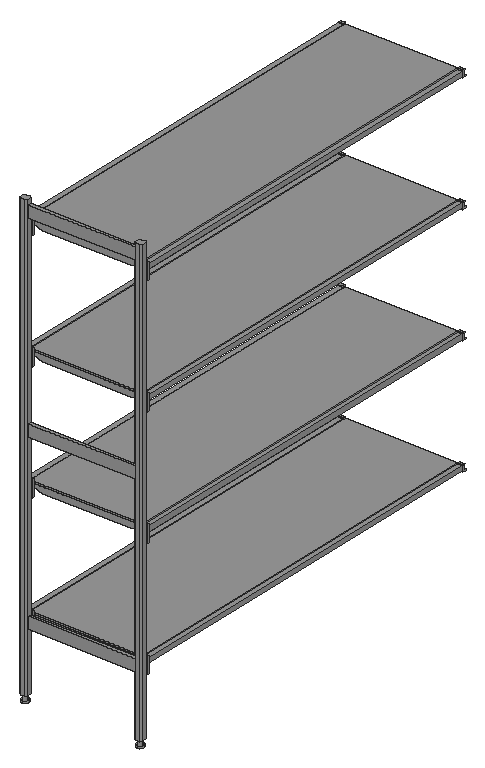
Revit family "QF_ELECTROLUXPROFESSIONAL_137078_CLS1537", category Attrezzature speciali, Revit 2020
Family settings
  Quota connettore circolare = Usa diametro
  Tipo di parte = Normale
  Basato su piano di lavoro = No
  Sempre verticale = Sì
  Taglio con vuoti quando caricato = No
  Condiviso = No
  Punto di calcolo locali = No
Parameters (values of type "Standard")
  Weight = 26.00 kg
  Watts = 0 W
  Volts = 0 V
  URL Manufacturer = "https://www.electroluxprofessional.com/"
  URL = "https://www.electroluxprofessional.com/"
  Steam Supply Size = 0 mm
  Steam Supply Minimum Pressure = 0.0 Pa
  Steam Supply Maximum Pressure = 0.0 Pa
  Steam Consumption per Hour = 0
  Refrigeration Suction Line Size = 0.0 mm
  Refrigeration Liquid Line Size = 0.0 mm
  Refrigerant Compressor Remote = yes
  Prospetto di default = 0.0 mm
  Phase = 0
  Modello = "CLS1537"
  Produttore = "Electrolux Professional"
  Length Actual = 1541.0 mm  # constant formula
  Item Number = "137078"
  Hot Water Size = 0 mm
  Height Actual = 1700.0 mm  # constant formula
  HP = "0 HP"
  Gas Size = 0 mm
  Gas KW = 0
  Gas Input Pressure = 0 W
  Direct Waste Size = 0 mm
  Descrizione = "ALUM.CORNER SHELV.-POLY.TIERS-475X1541MM"
  Depth Actual = 475.0 mm  # constant formula
  Cycle = 0 Hz
  Condensate Return Size = 0 mm
  Compressed Air Volume = 0.0 L/s
  Compressed Air Size = 0 mm
  Compressed Air Pressure = 0.0 Pa
  Cold Water Size = 0 mm
  Accessory = yes
Reference planes
  plane 1: z = 0
  plane 2 "Center (F/B)": y = -163.5
  plane 3 "Front": y = -549.5
  plane 4 "Left": x = -217.5
  plane 5 "Right": x = 257.5
  plane 6 "TOP": z = 1700
  plane 7: y = -517.5
  plane 8: y = 987.5
  plane 9 "Center (Left/Right)": x = 20
  plane 10: y = 982.5
  plane 11: x = -186
  plane 12: x = 226
  plane 13 "FEET": z = 25
  plane 14: z = 275
  plane 15: z = 725
  plane 16: z = 1175
  plane 17: z = 1625
  plane 18 "CXLeft": y = -535.5
  plane 19: x = -200
  plane 20 "CYBack": x = -200
  plane 21 "CYFront": x = 138
  plane 22 "Back": y = 991.5
  plane 23 "LEFT_ORIGIN": x = -251.5
  plane 24 "BACK_Origin": y = 1466.5
Forms (mm)
  Extrusion 1, solid, material "QF_Aluminum"
    sketch origin (0, -549.5, 0) x (-1, 0, 0) y (0, 0, 1)
      loop
        line (198.5, 1650.994) -> (198.5, 1632.998) -> (217.5, 1632.998) -> (217.5, 1650.994) -> (198.5, 1650.994)
      loop
        line (-238.5, 1650.994) -> (-257.5, 1650.994) -> (-257.5, 1632.998) -> (-238.5, 1632.998) -> (-238.5, 1650.994)
      loop
        line (198.5, 1200.994) -> (198.5, 1182.998) -> (217.5, 1182.998) -> (217.5, 1200.994) -> (198.5, 1200.994)
      loop
        line (-238.522, 1200.994) -> (-257.5, 1200.994) -> (-257.5, 1182.998) -> (-238.522, 1182.998) -> (-238.522, 1200.994)
      loop
        line (198.5, 750.994) -> (198.5, 732.998) -> (217.5, 732.998) -> (217.5, 750.994) -> (198.5, 750.994)
      loop
        line (-238.522, 750.994) -> (-257.5, 750.994) -> (-257.5, 732.998) -> (-238.522, 732.998) -> (-238.522, 750.994)
      loop
        line (198.5, 300.994) -> (198.5, 282.998) -> (217.5, 282.998) -> (217.5, 300.994) -> (198.5, 300.994)
      loop
        line (-238.522, 300.994) -> (-257.5, 300.994) -> (-257.5, 282.998) -> (-238.522, 282.998) -> (-238.522, 300.994)
    from 32 to 1537
  Extrusion 2, solid, material "QF_Polyethylene"
    sketch origin (0, -549.5, 0) x (-1, 0, 0) y (0, 0, 1)
      loop
        line (196.507, 1650.994) -> (-236.522, 1650.994) -> (-236.522, 1644.496) -> (196.507, 1644.496) -> (196.507, 1650.994)
      loop
        line (196.507, 1200.994) -> (-236.522, 1200.994) -> (-236.522, 1194.496) -> (196.507, 1194.496) -> (196.507, 1200.994)
      loop
        line (196.507, 750.994) -> (-236.522, 750.994) -> (-236.522, 744.496) -> (196.507, 744.496) -> (196.507, 750.994)
      loop
        line (196.507, 300.994) -> (-236.522, 300.994) -> (-236.522, 294.496) -> (196.507, 294.496) -> (196.507, 300.994)
    from 32 to 1537
Lines and regions (mm)
  symbolic lines
    curve 1: line (-198.5, 987.5, 1700) -> (-198.5, -517.5, 1700)
    curve 2: line (-217.5, -521.5, 1700) -> (-217.5, 987.5, 1700)
    curve 3: line (257.5, -521.5, 1700) -> (257.5, 987.5, 1700)
    curve 4: line (-181.507, -517.5, 1700) -> (221.507, -517.5, 1700)
    curve 5: line (238.522, -517.5, 1700) -> (238.522, 987.5, 1700)
    curve 6: line (-198.5, 987.5, 1700) -> (238.522, 987.5, 1700)
Dimensions and locks
  plane 3 "Front" to plane 2 "Center (F/B)" = 386.0 mm
  locked: plane 6 "TOP" to level at 1700
  locked: plane 4 "Left" to plane 5 "Right" at 475
  locked: plane 7 to plane 8 at 1505
  locked: plane 3 "Front" to plane 7 at 32
  plane 10 to plane 8 = 5.0 mm
  locked: plane 11 to plane 12 at 412
  equal spacing: plane 11, plane 9 "Center (Left/Right)", plane 12
  equal spacing: plane 4 "Left", plane 9 "Center (Left/Right)", plane 5 "Right"
  plane 13 "FEET" to level = 25.0 mm
  plane 6 "TOP" to plane 13 "FEET" = 1675.0 mm
  plane 14 to plane 13 "FEET" = 250.0 mm
  plane 15 to plane 14 = 450.0 mm
  plane 16 to plane 15 = 450.0 mm
  plane 17 to plane 16 = 450.0 mm
  locked: plane 3 "Front" to plane 18 "CXLeft" at 14
  locked: plane 3 "Front" to plane 22 "Back" at 1541
  plane 23 "LEFT_ORIGIN" to plane 5 "Right" = 509.0 mm
  locked: plane 22 "Back" to plane 24 "BACK_Origin" at 475
  aligned and locked: level to plane 1
  aligned and locked: Extrusion 2 to plane 7
  aligned and locked: plane 8 to Extrusion 2
  aligned and locked: Extrusion 1 to plane 7
  aligned and locked: plane 8 to Extrusion 1
  aligned and locked: Extrusion 1 sketch curve to Extrusion 1 sketch curve  (x2)
  aligned and locked: plane 18 "CXLeft" to nested 1
  aligned and locked: nested 2 to plane 10
Automatic sketch dimensions
  curve 2 to plane 4 "Left" = 0.0 mm
  curve 3 to plane 5 "Right" = 0.0 mm
  plane 7 to curve 1 = 0.0 mm
  plane 7 to curve 4 = 0.0 mm
  plane 7 to curve 5 = 0.0 mm
  plane 8 to curve 2 = 0.0 mm
  plane 8 to curve 1 = 0.0 mm
  plane 8 to curve 3 = 0.0 mm
  curve 5 to plane 21 "CYFront" = 100.522 mm
  plane 19 to curve 6 = 1.5 mm
  plane 7 to curve 3 = 4.0 mm
  plane 7 to curve 2 = 4.0 mm
  plane 12 to curve 4 = 4.493 mm
  curve 4 to plane 11 = 4.493 mm
  plane 5 "Right" to Extrusion 1 sketch curve = 0.0 mm  (x4)
  plane 4 "Left" to Extrusion 1 sketch curve = 0.0 mm  (x4)
  Extrusion 1 sketch curve to plane 21 "CYFront" = 100.522 mm
  Extrusion 1 sketch curve to plane 21 "CYFront" = 100.5 mm
  plane 19 to Extrusion 1 sketch curve = 1.5 mm  (x4)
  plane 14 to Extrusion 1 sketch curve = 7.998 mm  (x2)
  Extrusion 1 sketch curve to Extrusion 1 sketch curve = 17.997 mm  (x8)
  plane 15 to Extrusion 1 sketch curve = 7.998 mm  (x2)
  plane 16 to Extrusion 1 sketch curve = 7.998 mm  (x2)
  plane 17 to Extrusion 1 sketch curve = 7.998 mm  (x2)
  Extrusion 2 sketch curve to plane 21 "CYFront" = 98.522 mm  (x4)
  plane 19 to Extrusion 2 sketch curve = 3.493 mm  (x4)
  plane 14 to Extrusion 2 sketch curve = 19.496 mm
  Extrusion 2 sketch curve to Extrusion 2 sketch curve = 6.499 mm  (x4)
  plane 15 to Extrusion 2 sketch curve = 19.496 mm
  plane 16 to Extrusion 2 sketch curve = 19.496 mm
  plane 17 to Extrusion 2 sketch curve = 19.496 mm
Nested families
  nested 1: "WT_Anta475" at (-194.5, -132.5, 0) x (0, 1, 0) z (0, 0, 1), type "WT_Anta475"
  nested 2: "WT_Aggancio475" at (-194.5, 1399.5, 0) x (0, 1, 0) z (0, 0, 1), type "WT_Aggancio475"
Definition of nested family "WT_Anta475"
  Parameters
    WidthLeft = A + 64.0 mm  # 772.0 mm
    Width = 1606.0 mm
    Right = WidthLeft / 2  # 386.0 mm
    Default Elevation = 0.0 mm
    Left = -WidthLeft / 2  # -386.0 mm
    Height = 1725.0 mm
    FEET = 25.0 mm
    E = 0.0 mm
    Dint = Depth - 63.0 mm  # 412.0 mm
    Dext = Depth - 8.0 mm  # 467.0 mm
    Depth = 475.0 mm
    DX = (WidthLeft - A) / 2  # 32.0 mm
    B = 798.0 mm
    A = 708.0 mm
  Reference planes
    plane 1: z = 0
    plane 2 "LEFT": x = -417
    plane 3 "BACK": y = 23
    plane 4 "FRONT": y = -452
    plane 5 "TOP": z = 1725
    plane 6 "Center (Front/Back)": y = -214.5
    plane 7: y = -8.5
    plane 8: y = -420.5
    plane 9 "FEET": z = 25
    plane 10: z = 275
    plane 11: z = 725
    plane 12: z = 1175
    plane 13: z = 1625
    plane 14 "CXLeft": x = -403
    plane 15: y = 5.5
    plane 16 "CYBack": y = 5.5
    plane 17 "CYFront": y = -434.5
    plane 18: x = -385.031
    plane 19: x = -380.031
  Forms (mm)
    Extrusion 1, solid
      sketch origin (0, 0, 0) x (1, 0, 0) y (0, 1, 0)
        loop
          line (-417, 13.246) -> (-417, -2.246) -> (-410.746, -8.5) -> (-395.254, -8.5) -> (-389, -2.246) -> (-389, 13.246) -> (-395.254, 19.5) -> (-410.746, 19.5) -> (-417, 13.246)
      from 1725 to 25
    Extrusion 2, solid
      sketch origin (-417, 0, 0) x (0, 1, 0) y (0, 0, 1)
        loop
          line (23, 246.005) -> (23, 307.993) -> (-12.993, 307.993) -> (-12.993, 246.005) -> (23, 246.005)
        loop
          line (-452, 246.005) -> (-416.007, 246.005) -> (-416.007, 307.993) -> (-452, 307.993) -> (-452, 246.005)
        loop
          line (23, 696.005) -> (23, 757.993) -> (-12.993, 757.993) -> (-12.993, 696.005) -> (23, 696.005)
        loop
          line (-452, 696.005) -> (-416.007, 696.005) -> (-416.007, 757.993) -> (-452, 757.993) -> (-452, 696.005)
        loop
          line (23, 1146.005) -> (23, 1207.993) -> (-12.993, 1207.993) -> (-12.993, 1146.005) -> (23, 1146.005)
        loop
          line (-452, 1146.005) -> (-416.007, 1146.005) -> (-416.007, 1207.993) -> (-452, 1207.993) -> (-452, 1146.005)
        loop
          line (23, 1596.005) -> (23, 1657.993) -> (-12.993, 1657.993) -> (-12.993, 1596.005) -> (23, 1596.005)
        loop
          line (-452, 1596.005) -> (-416.007, 1596.005) -> (-416.007, 1657.993) -> (-452, 1657.993) -> (-452, 1596.005)
      from 28 to 32
    Revolve 3, solid
      sketch origin (-403, 0, 0) x (0, 1, 0) y (0, 0, 1)
        loop
          line (5.5, 25) -> (5.5, 0) -> (19, 0) -> (19, 5) -> (14, 5) -> (14, 25) -> (5.5, 25)
        axis (5.5, 25) -> (5.5, 0)
      angle from 0 to 360
    Extrusion 4, solid
      sketch origin (-403, 0, 0) x (0, 1, 0) y (0, 0, 1)
        loop
          line (-8.5, 912.382) -> (-8.5, 957.374) -> (-420.5, 957.374) -> (-420.5, 912.382) -> (-8.5, 912.382)
        loop
          line (-8.5, 1662.244) -> (-8.5, 1707.236) -> (-420.5, 1707.236) -> (-420.5, 1662.244) -> (-8.5, 1662.244)
      from -5 to 5
    Revolve 5, solid
      sketch origin (-403, -627, 0) x (0, -1, 0) y (0, 0, 1)
        loop
          line (-192.5, 25) -> (-192.5, 0) -> (-179, 0) -> (-179, 5) -> (-184, 5) -> (-184, 25) -> (-192.5, 25)
        axis (-192.5, 25) -> (-192.5, 0)
      angle from 0 to 360
    Extrusion 6, solid
      sketch origin (0, -627, 0) x (1, 0, 0) y (0, 1, 0)
        loop
          line (-417, 184.754) -> (-410.746, 178.5) -> (-395.254, 178.5) -> (-389, 184.754) -> (-389, 200.246) -> (-395.254, 206.5) -> (-410.746, 206.5) -> (-417, 200.246) -> (-417, 184.754)
      from 1725 to 25
    Extrusion 7, solid
      sketch origin (-417.031, -0.022, 0) x (0, 1, 0) y (0, 0, -1)
        loop
          line (-12, -1632.998) -> (-46, -1620.994) -> (-383, -1620.994) -> (-417, -1632.998) -> (-433, -1632.998) -> (-433, -1650.994) -> (-431, -1650.994) -> (-431, -1644.496) -> (2.007, -1644.496) -> (2.007, -1650.994) -> (4, -1650.994) -> (4, -1632.998) -> (-12, -1632.998)
        loop
          line (-12, -1182.998) -> (-46, -1170.994) -> (-383, -1170.994) -> (-417, -1182.998) -> (-433, -1182.998) -> (-433, -1200.994) -> (-431, -1200.994) -> (-431, -1194.496) -> (2.007, -1194.496) -> (2.007, -1200.994) -> (4, -1200.994) -> (4, -1182.998) -> (-12, -1182.998)
        loop
          line (-12, -732.998) -> (-46, -720.994) -> (-383, -720.994) -> (-417, -732.998) -> (-433, -732.998) -> (-433, -750.994) -> (-431, -750.994) -> (-431, -744.496) -> (2.007, -744.496) -> (2.007, -750.994) -> (4, -750.994) -> (4, -732.998) -> (-12, -732.998)
        loop
          line (-12, -282.998) -> (-46, -270.994) -> (-383, -270.994) -> (-417, -282.998) -> (-433, -282.998) -> (-433, -300.994) -> (-431, -300.994) -> (-431, -294.496) -> (2.007, -294.496) -> (2.007, -300.994) -> (4, -300.994) -> (4, -282.998) -> (-12, -282.998)
      from -32 to -37
    Extrusion 8, solid
      sketch origin (-403, 0, -659.878) x (0, 1, 0) y (0, 0, 1)
        loop
          line (-8.5, 912.382) -> (-8.5, 957.374) -> (-420.5, 957.374) -> (-420.5, 912.382) -> (-8.5, 912.382)
        loop
          line (-8.5, 1572.382) -> (-8.5, 1617.374) -> (-420.5, 1617.374) -> (-420.5, 1572.382) -> (-8.5, 1572.382)
        loop
          line (-8.5, 2322.382) -> (-8.5, 2367.374) -> (-420.5, 2367.374) -> (-420.5, 2322.382) -> (-8.5, 2322.382)
      from -5 to 5
  Lines and regions (mm)
    symbolic lines
      curve 1: line (-408, -8.5, 1725) -> (-408, -420.5, 1725)
      curve 2: line (-398, -420.5, 1725) -> (-398, -8.5, 1725)
      curve 3: line (-395.254, -8.5, 1725) -> (-410.746, -8.5, 1725)
      curve 4: line (-417, -2.246, 1725) -> (-410.746, -8.5, 1725)
      curve 5: line (-417, 13.246, 1725) -> (-417, -2.246, 1725)
      curve 6: line (-410.746, 19.5, 1725) -> (-417, 13.246, 1725)
      curve 7: line (-395.254, 19.5, 1725) -> (-410.746, 19.5, 1725)
      curve 8: line (-389, 13.246, 1725) -> (-395.254, 19.5, 1725)
      curve 9: line (-395.254, -8.5, 1725) -> (-389, -2.246, 1725)
      curve 10: line (-395.254, -420.5, 1725) -> (-410.746, -420.5, 1725)
      curve 11: line (-417, -426.754, 1725) -> (-410.746, -420.5, 1725)
      curve 12: line (-410.746, -448.5, 1725) -> (-417, -442.246, 1725)
      curve 13: line (-395.254, -448.5, 1725) -> (-410.746, -448.5, 1725)
      curve 14: line (-389, -442.246, 1725) -> (-395.254, -448.5, 1725)
      curve 15: line (-395.254, -420.5, 1725) -> (-389, -426.754, 1725)
      curve 16: line (-389, -452, 1725) -> (-389, -416.007, 1725)
      curve 17: line (-389, -416.007, 1725) -> (-385, -416.007, 1725)
      curve 18: line (-389, 23, 1725) -> (-389, -12.993, 1725)
      curve 19: line (-389, -12.993, 1725) -> (-385, -12.993, 1725)
      curve 20: line (-417, -426.754, 1725) -> (-417, -442.246, 1725)
      curve 21: line (-385, -452, 1725) -> (-385, -416.007, 1725)
      curve 22: line (-385, -452, 1725) -> (-389, -452, 1725)
      curve 23: line (-385, 23, 1725) -> (-389, 23, 1725)
      curve 24: line (-385, -12.993, 1725) -> (-385, 23, 1725)
      curve 25: line (-385.031, -13.016, 1725) -> (-385.031, -416.029, 1725)
  Dimensions and locks
    "Height": plane 5 "TOP" to level
    "Depth": plane 3 "BACK" to plane 4 "FRONT"
    "Dint": plane 7 to plane 8
    equal spacing: plane 7, plane 6 "Center (Front/Back)", plane 8
    equal spacing: plane 3 "BACK", plane 6 "Center (Front/Back)", plane 4 "FRONT"
    plane 9 "FEET" to level = 25.0 mm
    plane 5 "TOP" to plane 9 "FEET" = 1700.0 mm
    plane 10 to plane 9 "FEET" = 250.0 mm
    plane 11 to plane 10 = 450.0 mm
    plane 12 to plane 11 = 450.0 mm
    plane 13 to plane 12 = 450.0 mm
    locked: plane 2 "LEFT" to plane 14 "CXLeft" at 14
    locked: plane 3 "BACK" to plane 16 "CYBack" at 17.5
    locked: plane 17 "CYFront" to plane 4 "FRONT" at 17.5
    locked: Revolve 3 sketch curve to Revolve 3 sketch curve at 8.5
    locked: Revolve 3 sketch curve to plane 16 "CYBack" at 13.5
    locked: Revolve 5 sketch curve to Revolve 5 sketch curve at 8.5
    aligned and locked: level to plane 1
    aligned and locked: curve 20 to Extrusion 6
    aligned and locked: plane 5 "TOP" to Extrusion 1
    aligned and locked: plane 5 "TOP" to Extrusion 6
    aligned and locked: Extrusion 7 sketch curve to Extrusion 7 sketch curve  (x3)
  Automatic sketch dimensions
    curve 16 to plane 4 "FRONT" = 0.0 mm
    curve 11 to plane 8 = 0.0 mm
    curve 9 to plane 7 = 0.0 mm
    curve 5 to plane 2 "LEFT" = 0.0 mm
    curve 23 to plane 3 "BACK" = 0.0 mm
    plane 4 "FRONT" to curve 13 = 3.5 mm
    curve 20 to plane 17 "CYFront" = 7.746 mm
    curve 20 to plane 8 = 6.254 mm
    plane 8 to curve 16 = 4.493 mm
    curve 24 to plane 18 = 0.031 mm
    curve 24 to plane 7 = 4.493 mm
    plane 7 to curve 5 = 6.254 mm
    curve 5 to plane 15 = 7.746 mm
    curve 6 to plane 3 "BACK" = 3.5 mm
    curve 21 to plane 18 = 0.031 mm
    plane 18 to curve 23 = 3.969 mm
    plane 18 to curve 16 = 3.969 mm
    curve 18 to curve 8 = 6.254 mm
    curve 18 to curve 3 = 6.254 mm
    curve 16 to curve 13 = 6.254 mm
    curve 16 to curve 15 = 6.254 mm
    plane 2 "LEFT" to curve 10 = 6.254 mm
    plane 2 "LEFT" to curve 7 = 6.254 mm
    plane 2 "LEFT" to curve 12 = 6.254 mm
    plane 2 "LEFT" to curve 3 = 6.254 mm
    curve 14 to plane 17 "CYFront" = 7.746 mm
    curve 15 to plane 8 = 6.254 mm
    plane 7 to curve 9 = 6.254 mm
    curve 8 to plane 15 = 7.746 mm
    curve 3 to curve 2 = 2.746 mm
    curve 1 to curve 10 = 2.746 mm
    Extrusion 1 sketch curve to plane 2 "LEFT" = 0.0 mm
    Extrusion 1 sketch curve to plane 7 = 0.0 mm
    plane 2 "LEFT" to Extrusion 1 sketch curve = 6.254 mm  (x2)
    plane 14 "CXLeft" to Extrusion 1 sketch curve = 7.746 mm  (x2)
    Extrusion 1 sketch curve to plane 3 "BACK" = 3.5 mm
    plane 18 to Extrusion 1 sketch curve = 3.969 mm
    plane 7 to Extrusion 1 sketch curve = 6.254 mm  (x2)
    Extrusion 1 sketch curve to plane 15 = 7.746 mm  (x2)
    Extrusion 2 sketch curve to plane 4 "FRONT" = 0.0 mm  (x4)
    Extrusion 2 sketch curve to plane 3 "BACK" = 0.0 mm  (x4)
    plane 8 to Extrusion 2 sketch curve = 4.493 mm  (x4)
    Extrusion 2 sketch curve to plane 7 = 4.493 mm  (x4)
    Extrusion 2 sketch curve to plane 10 = 28.995 mm  (x2)
    plane 10 to Extrusion 2 sketch curve = 32.993 mm  (x2)
    Extrusion 2 sketch curve to plane 11 = 28.995 mm  (x2)
    plane 11 to Extrusion 2 sketch curve = 32.993 mm  (x2)
    Extrusion 2 sketch curve to plane 12 = 28.995 mm  (x2)
    plane 12 to Extrusion 2 sketch curve = 32.993 mm  (x2)
    Extrusion 2 sketch curve to plane 13 = 28.995 mm  (x2)
    plane 13 to Extrusion 2 sketch curve = 32.993 mm  (x2)
    Revolve 3 sketch curve to plane 9 "FEET" = 0.0 mm  (x2)
    Revolve 3 sketch curve to plane 15 = 0.0 mm  (x2)
    Revolve 3 sketch curve to level = 0.0 mm
    level to Revolve 3 sketch curve = 5.0 mm
    Revolve 3 sketch curve to Revolve 3 sketch curve = 11.655 mm
    Extrusion 4 sketch curve to plane 8 = 0.0 mm  (x2)
    Extrusion 4 sketch curve to plane 7 = 0.0 mm  (x2)
    plane 11 to Extrusion 4 sketch curve = 187.382 mm
    Extrusion 4 sketch curve to Extrusion 4 sketch curve = 44.992 mm
    plane 13 to Extrusion 4 sketch curve = 37.244 mm
    Extrusion 4 sketch curve to plane 5 "TOP" = 17.764 mm
    Revolve 5 sketch curve to plane 9 "FEET" = 0.0 mm  (x2)
    Revolve 5 sketch curve to plane 17 "CYFront" = 0.0 mm  (x2)
    Revolve 5 sketch curve to level = 0.0 mm
    Revolve 5 sketch curve to plane 4 "FRONT" = 4.0 mm
    Revolve 5 sketch curve to Revolve 5 sketch curve = 5.0 mm
    level to Revolve 5 sketch curve = 11.655 mm
    Extrusion 6 sketch curve to plane 2 "LEFT" = 0.0 mm
    Extrusion 6 sketch curve to plane 8 = 0.0 mm
    Extrusion 6 sketch curve to plane 2 "LEFT" = 6.254 mm  (x2)
    Extrusion 6 sketch curve to plane 14 "CXLeft" = 7.746 mm  (x2)
    Extrusion 6 sketch curve to plane 4 "FRONT" = 3.5 mm
    Extrusion 6 sketch curve to plane 18 = 3.969 mm
    plane 8 to Extrusion 6 sketch curve = 6.254 mm  (x2)
    plane 17 "CYFront" to Extrusion 6 sketch curve = 7.746 mm  (x2)
    plane 17 "CYFront" to Extrusion 7 sketch curve = 1.478 mm  (x4)
    Extrusion 7 sketch curve to Extrusion 7 sketch curve = 2.0 mm
    plane 8 to Extrusion 7 sketch curve = 3.478 mm  (x4)
    Extrusion 7 sketch curve to plane 10 = 4.006 mm
    Extrusion 7 sketch curve to Extrusion 7 sketch curve = 34.0 mm  (x4)
    Extrusion 7 sketch curve to plane 11 = 4.006 mm
    Extrusion 7 sketch curve to plane 12 = 4.006 mm
    Extrusion 7 sketch curve to plane 13 = 4.006 mm
    Extrusion 7 sketch curve to plane 7 = 37.522 mm  (x4)
    Extrusion 7 sketch curve to plane 7 = 3.522 mm  (x4)
    plane 15 to Extrusion 7 sketch curve = 3.516 mm  (x4)
    plane 15 to Extrusion 7 sketch curve = 1.522 mm  (x4)
    plane 13 to Extrusion 7 sketch curve = 7.998 mm  (x2)
    Extrusion 7 sketch curve to Extrusion 7 sketch curve = 11.498 mm
    Extrusion 7 sketch curve to Extrusion 7 sketch curve = 6.499 mm  (x5)
    plane 12 to Extrusion 7 sketch curve = 25.994 mm  (x2)
    plane 12 to Extrusion 7 sketch curve = 7.998 mm  (x2)
    plane 11 to Extrusion 7 sketch curve = 25.994 mm  (x2)
    plane 11 to Extrusion 7 sketch curve = 7.998 mm  (x2)
    plane 10 to Extrusion 7 sketch curve = 25.994 mm  (x2)
    plane 10 to Extrusion 7 sketch curve = 7.998 mm  (x2)
    curve 25 to plane 18 = 0.0 mm
    plane 8 to curve 25 = 4.471 mm
    curve 25 to plane 7 = 4.516 mm
    Extrusion 8 sketch curve to plane 8 = 0.0 mm  (x3)
    Extrusion 8 sketch curve to plane 7 = 0.0 mm  (x3)
    Extrusion 8 sketch curve to plane 10 = 22.496 mm
    plane 10 to Extrusion 8 sketch curve = 22.496 mm
    plane 11 to Extrusion 8 sketch curve = 187.504 mm
    Extrusion 8 sketch curve to Extrusion 8 sketch curve = 44.992 mm
    plane 13 to Extrusion 8 sketch curve = 37.504 mm
    Extrusion 8 sketch curve to plane 5 "TOP" = 17.504 mm
Definition of nested family "WT_Aggancio475"
  Parameters
    WidthLeft = A + 64.0 mm  # 772.0 mm
    Width = 1606.0 mm
    Right = WidthLeft / 2  # 386.0 mm
    Default Elevation = 0.0 mm
    Left = -WidthLeft / 2  # -386.0 mm
    Height = 1725.0 mm
    FEET = 25.0 mm
    E = 0.0 mm
    Dint = Depth - 63.0 mm  # 412.0 mm
    Dext = Depth - 8.0 mm  # 467.0 mm
    Depth = 475.0 mm
    DX = (WidthLeft - A) / 2  # 32.0 mm
    B = 798.0 mm
    A = 708.0 mm
  Reference planes
    plane 1: z = 0
    plane 2 "LEFT": x = -417
    plane 3 "BACK": y = 23
    plane 4 "FRONT": y = -452
    plane 5 "TOP": z = 1725
    plane 6 "Center (Front/Back)": y = -214.5
    plane 7: y = -8.5
    plane 8: y = -420.5
    plane 9 "FEET": z = 25
    plane 10: z = 275
    plane 11: z = 725
    plane 12: z = 1175
    plane 13: z = 1625
    plane 14: y = 5.5
    plane 15 "CYBack": y = 5.5
    plane 16 "CYFront": y = -434.5
  Forms (mm)
    Extrusion 1, solid
      sketch origin (-380, -0.022, 0) x (0, 1, 0) y (0, 0, 1)
        loop
          line (-12, 1632.998) -> (4, 1632.998) -> (4, 1650.994) -> (2.007, 1650.994) -> (2.007, 1644.496) -> (-431, 1644.496) -> (-431, 1650.994) -> (-433, 1650.994) -> (-433, 1632.998) -> (-417, 1632.998) -> (-383, 1620.994) -> (-46, 1620.994) -> (-12, 1632.998)
        loop
          line (-12, 1182.998) -> (4, 1182.998) -> (4, 1200.994) -> (2.007, 1200.994) -> (2.007, 1194.496) -> (-431, 1194.496) -> (-431, 1200.994) -> (-433, 1200.994) -> (-433, 1182.998) -> (-417, 1182.998) -> (-383, 1170.994) -> (-46, 1170.994) -> (-12, 1182.998)
        loop
          line (-12, 732.998) -> (4, 732.998) -> (4, 750.994) -> (2.007, 750.994) -> (2.007, 744.496) -> (-431, 744.496) -> (-431, 750.994) -> (-433, 750.994) -> (-433, 732.998) -> (-417, 732.998) -> (-383, 720.994) -> (-46, 720.994) -> (-12, 732.998)
        loop
          line (-12, 282.998) -> (4, 282.998) -> (4, 300.994) -> (2.007, 300.994) -> (2.007, 294.496) -> (-431, 294.496) -> (-431, 300.994) -> (-433, 300.994) -> (-433, 282.998) -> (-417, 282.998) -> (-383, 270.994) -> (-46, 270.994) -> (-12, 282.998)
      from -32 to -37
    Extrusion 2, solid
      sketch origin (-793.062, -324.754, 6.5) x (1, 0, 0) y (0, 0, 1)
        loop
          line (385.062, 1644.496) -> (385.062, 1647.496) -> (376.062, 1647.496) -> (376.062, 1620.994) -> (390.031, 1620.994) -> (390.031, 1626.496) -> (381.062, 1626.496) -> (381.062, 1644.496) -> (385.062, 1644.496)
        loop
          line (385.062, 1194.496) -> (385.062, 1197.496) -> (376.062, 1197.496) -> (376.062, 1170.994) -> (390.031, 1170.994) -> (390.031, 1176.496) -> (381.062, 1176.496) -> (381.062, 1194.496) -> (385.062, 1194.496)
        loop
          line (385.062, 744.496) -> (385.062, 747.496) -> (376.062, 747.496) -> (376.062, 720.994) -> (390.031, 720.994) -> (390.031, 726.496) -> (381.062, 726.496) -> (381.062, 744.496) -> (385.062, 744.496)
        loop
          line (385.062, 294.496) -> (385.062, 297.496) -> (376.062, 297.496) -> (376.062, 270.994) -> (390.031, 270.994) -> (390.031, 276.496) -> (381.062, 276.496) -> (381.062, 294.496) -> (385.062, 294.496)
      from 108.268 to 127.246
    Extrusion 3, solid
      sketch origin (-793.062, 32.754, 6.5) x (1, 0, 0) y (0, 0, 1)
        loop
          line (385.062, 1644.496) -> (385.062, 1647.496) -> (376.062, 1647.496) -> (376.062, 1620.994) -> (390.031, 1620.994) -> (390.031, 1626.496) -> (381.062, 1626.496) -> (381.062, 1644.496) -> (385.062, 1644.496)
        loop
          line (385.062, 1194.496) -> (385.062, 1197.496) -> (376.062, 1197.496) -> (376.062, 1170.994) -> (390.031, 1170.994) -> (390.031, 1176.496) -> (381.062, 1176.496) -> (381.062, 1194.496) -> (385.062, 1194.496)
        loop
          line (385.062, 744.496) -> (385.062, 747.496) -> (376.062, 747.496) -> (376.062, 720.994) -> (390.031, 720.994) -> (390.031, 726.496) -> (381.062, 726.496) -> (381.062, 744.496) -> (385.062, 744.496)
        loop
          line (385.062, 294.496) -> (385.062, 297.496) -> (376.062, 297.496) -> (376.062, 270.994) -> (390.031, 270.994) -> (390.031, 276.496) -> (381.062, 276.496) -> (381.062, 294.496) -> (385.062, 294.496)
      from 9.754 to 28.776
  Lines and regions (mm)
    symbolic lines
      curve 1: line (-412, -452, 0) -> (-408, -452, 0)
      curve 2: line (-412, -433.022, 0) -> (-412, -452, 0)
      curve 3: line (-408, -433.022, 0) -> (-412, -433.022, 0)
      curve 4: line (-408, -452, 0) -> (-408, -433.022, 0)
      curve 5: line (-412, 3.978, 0) -> (-408, 3.978, 0)
      curve 6: line (-412, 23, 0) -> (-412, 3.978, 0)
      curve 7: line (-408, 23, 0) -> (-412, 23, 0)
      curve 8: line (-408, 3.978, 0) -> (-408, 23, 0)
  Dimensions and locks
    "Height": plane 5 "TOP" to level
    "Depth": plane 3 "BACK" to plane 4 "FRONT"
    "Dint": plane 7 to plane 8
    equal spacing: plane 7, plane 6 "Center (Front/Back)", plane 8
    equal spacing: plane 3 "BACK", plane 6 "Center (Front/Back)", plane 4 "FRONT"
    plane 9 "FEET" to level = 25.0 mm
    plane 5 "TOP" to plane 9 "FEET" = 1700.0 mm
    plane 10 to plane 9 "FEET" = 250.0 mm
    plane 11 to plane 10 = 450.0 mm
    plane 12 to plane 11 = 450.0 mm
    plane 13 to plane 12 = 450.0 mm
    locked: plane 3 "BACK" to plane 15 "CYBack" at 17.5
    locked: plane 16 "CYFront" to plane 4 "FRONT" at 17.5
    aligned and locked: level to plane 1
    aligned and locked: Extrusion 1 sketch curve to Extrusion 1 sketch curve  (x3)
  Automatic sketch dimensions
    plane 16 "CYFront" to Extrusion 1 sketch curve = 1.478 mm  (x4)
    Extrusion 1 sketch curve to Extrusion 1 sketch curve = 2.0 mm
    plane 8 to Extrusion 1 sketch curve = 3.478 mm  (x4)
    Extrusion 1 sketch curve to plane 10 = 4.006 mm
    Extrusion 1 sketch curve to Extrusion 1 sketch curve = 34.0 mm  (x4)
    Extrusion 1 sketch curve to plane 11 = 4.006 mm
    Extrusion 1 sketch curve to plane 12 = 4.006 mm
    Extrusion 1 sketch curve to plane 13 = 4.006 mm
    Extrusion 1 sketch curve to plane 7 = 37.522 mm  (x4)
    Extrusion 1 sketch curve to plane 7 = 3.522 mm  (x4)
    plane 14 to Extrusion 1 sketch curve = 3.516 mm  (x4)
    plane 14 to Extrusion 1 sketch curve = 1.522 mm  (x4)
    plane 10 to Extrusion 1 sketch curve = 7.998 mm  (x2)
    Extrusion 1 sketch curve to Extrusion 1 sketch curve = 11.498 mm  (x4)
    Extrusion 1 sketch curve to Extrusion 1 sketch curve = 6.499 mm  (x8)
    plane 11 to Extrusion 1 sketch curve = 7.998 mm  (x2)
    plane 12 to Extrusion 1 sketch curve = 7.998 mm  (x2)
    plane 13 to Extrusion 1 sketch curve = 7.998 mm  (x2)
    plane 2 "LEFT" to Extrusion 2 sketch curve = 0.0 mm  (x4)
    plane 13 to Extrusion 2 sketch curve = 7.996 mm
    plane 11 to Extrusion 2 sketch curve = 7.996 mm
    Extrusion 2 sketch curve to Extrusion 2 sketch curve = 5.0 mm  (x4)
    plane 11 to Extrusion 2 sketch curve = 2.494 mm
    plane 10 to Extrusion 2 sketch curve = 28.996 mm
    Extrusion 2 sketch curve to Extrusion 2 sketch curve = 3.0 mm  (x4)
    plane 10 to Extrusion 2 sketch curve = 7.996 mm
    plane 10 to Extrusion 2 sketch curve = 2.494 mm
    Extrusion 2 sketch curve to Extrusion 2 sketch curve = 18.0 mm  (x3)
    plane 12 to Extrusion 2 sketch curve = 2.494 mm
    plane 12 to Extrusion 2 sketch curve = 7.996 mm
    plane 13 to Extrusion 2 sketch curve = 2.494 mm
    plane 2 "LEFT" to Extrusion 3 sketch curve = 0.0 mm  (x4)
    plane 13 to Extrusion 3 sketch curve = 7.996 mm
    plane 11 to Extrusion 3 sketch curve = 7.996 mm
    Extrusion 3 sketch curve to Extrusion 3 sketch curve = 5.0 mm  (x4)
    plane 11 to Extrusion 3 sketch curve = 2.494 mm
    plane 10 to Extrusion 3 sketch curve = 28.996 mm
    Extrusion 3 sketch curve to Extrusion 3 sketch curve = 3.0 mm  (x4)
    plane 10 to Extrusion 3 sketch curve = 7.996 mm
    plane 10 to Extrusion 3 sketch curve = 2.494 mm
    Extrusion 3 sketch curve to Extrusion 3 sketch curve = 18.0 mm  (x3)
    plane 12 to Extrusion 3 sketch curve = 2.494 mm
    plane 12 to Extrusion 3 sketch curve = 7.996 mm
    plane 13 to Extrusion 3 sketch curve = 2.494 mm
    plane 2 "LEFT" to curve 1 = 5.0 mm
    plane 2 "LEFT" to curve 7 = 5.0 mm
    curve 1 to plane 16 "CYFront" = 17.5 mm
    curve 3 to plane 8 = 12.522 mm
    plane 7 to curve 5 = 12.478 mm
    curve 7 to plane 14 = 17.5 mm
    curve 5 to curve 5 = 4.0 mm
    curve 1 to curve 4 = 4.0 mm
    Extrusion 2 sketch curve to Extrusion 2 sketch curve = 4.0 mm  (x4)
    Extrusion 2 sketch curve to Extrusion 2 sketch curve = 8.969 mm  (x4)
    Extrusion 3 sketch curve to Extrusion 3 sketch curve = 4.0 mm  (x4)
    Extrusion 3 sketch curve to Extrusion 3 sketch curve = 8.969 mm  (x4)
